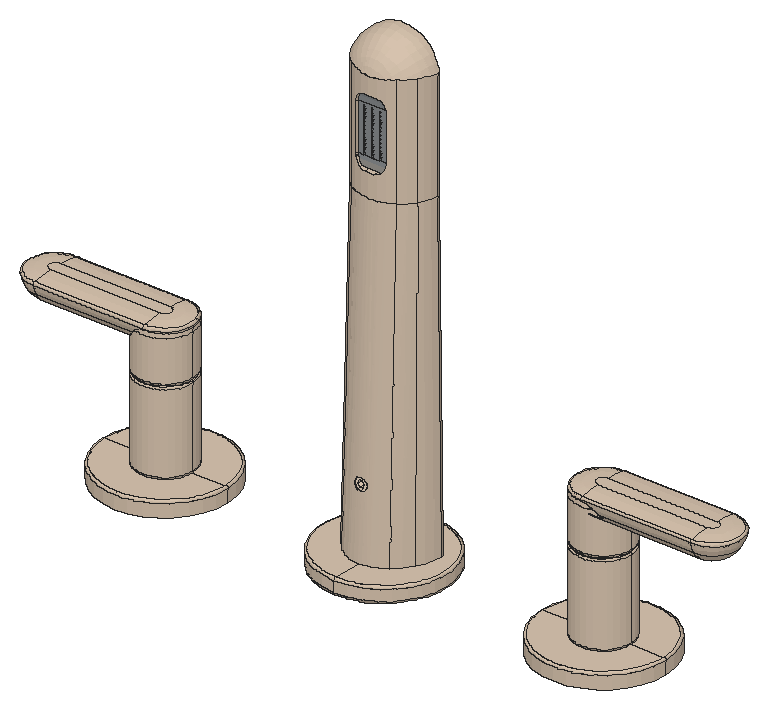
Revit family "Faucet-Wall_Mount-Kitchen-KALLISTA-002-P34125-1", category Plumbing Fixtures, host Face, Revit 2021
Family settings
  Host = Face
  Round Connector Dimension = Use Diameter
  Part Type = Normal
  OmniClass Number = 23.31.11.00
  OmniClass Title = Faucets
  Cut with Voids When Loaded = No
  Shared = No
  Room Calculation Point = No
Parameters (values of type "BAF-Brushed French Gold")
  Width [instance] = Faucet Hole Spacing  # 8"
  WaterSense Certified = 1 = 0  # no
  Waste Water Outlet = "Waste Water Outlet"  # constant formula
  Waste Connection = 1 = 0  # no
  Vent Connection = 1 = 0  # no
  URL = "https://www.kallista.com/"
  Type = 1
  Spout Reach = 7.18504"  # constant formula
  Product Page URL = ""
  Product Name = "002"  # constant formula
  Product Documentation Link = ""
  Pressure = 0.00 psi
  Model = if(Type = 1, "P34125-LV-BAF", if(Type = 2, "P34124-LV-BL", if(Type = 3, "P34125-LV-BN", if(Type = 4, "P34125-LV-CP", if(Type = 5, "P34125-LV-SN", "NA")))))  # "P34125-LV-BAF"
  Material = "Premium Metal Construction"  # constant formula
  Master Format 2014 Name = "Residential Faucets, Supplies, and Trim"  # constant formula
  Master Format 2014 = "22 41 39"  # constant formula
  Manufacturer Address = "444 Highland Dr, Kohler, WI 53044"  # constant formula
  Manufacturer = "Kallista Co."  # constant formula
  Length = Spout Reach  # 7.18504"
  Hot Water Inlet = "Hot Water Inlet"  # constant formula
  Height = 2.29291"  # constant formula
  Handle Clearance = 2.50394"  # constant formula
  HW Connection = 1 = 1  # yes
  Faucet Hole Spacing [instance] = 8"
  Flow Rate = 1.2 GPM  # constant formula
  Finish = Kallista-Metal-BAF-Brushed_French_Gold
  Environmental Product Declaration = ""
  Drain Included = 1 = 1  # yes
  Description = "Capsule Wall Mount Sink Faucet Wide Spread"  # constant formula
  Default Elevation = 36"
  Declare Label = ""
  Date Modified = "11/30/2023"  # constant formula
  Date Created = "11/30/2023"  # constant formula
  Copyright = "Copyright Kallista Co."  # constant formula
  Contact Us = "https://www.kallista.com/corporate/contact-us/"
  Cold Water Inlet = "Cold Water Inlet"  # constant formula
  CW Connection = 1 = 1  # yes
  Assembly Code = "D2010"
  ADA Compliant = 1 = 0  # no
Types (6): name | Type | Model | Finish
  (no name) | 1 | "P34125-LV-BAF" | Kallista-Metal-BAF-Brushed_French_Gold
  BAF-Brushed French Gold | 1 | "P34125-LV-BAF" | Kallista-Metal-BAF-Brushed_French_Gold
  SN-Polished Nickel | 5 | "P34125-LV-SN" | Kallista-Metal-SN-Polished_Nickel
  CP-Chrome | 4 | "P34125-LV-CP" | Kallista-Metal-CP-Chrome
  BN-Brushed Nickel | 3 | "P34125-LV-BN" | Kallista-Metal-BN-Brushed_Nickel
  BL-Matte Black | 2 | "P34124-LV-BL" | Kalista-Metal-BL-Matte_Black
Reference planes (in)
  plane 1 "Center (Front/Back)": y = 0
  plane 2: z = 0
  plane 3 "Center (Left/Right)": x = 0
  plane 4: y = 1.14173
  plane 5: x = -1.14173
  plane 6: x = 1.14173
  plane 7: y = -1.14173
  plane 8: x = -4
  plane 9: x = -2.85765
  plane 10: y = 1.14645
  plane 11: y = -1.14646
  plane 12: y = -0.50394
  plane 13: y = 0.50394
  plane 14: x = -6.50394
  plane 15: x = -5.14235
  plane 16: x = -3.49016
  plane 17: x = -4.50984
  plane 18: z = 8.67064
  plane 19: z = 2.78346
  plane 20: z = 2.27399
  plane 21: z = 0.27559
  plane 22: x = 4
  plane 23: x = 2.85765
  plane 24: x = 6.50394
  plane 25: x = 5.14235
  plane 26: x = 3.49016
  plane 27: x = 4.50984
  plane 28: z = 7.18504
  plane 29: y = -0.29528
Dimensions and locks (in)
  locked: plane 17 to plane 8 at 0.50984
  locked: plane 8 to plane 16 at 0.50984
  locked: plane 8 to plane 15 at 1.14235
  locked: plane 8 to plane 9 at 1.14235
  locked: plane 27 to plane 22 at 0.50984
  locked: plane 22 to plane 26 at 0.50984
  locked: plane 22 to plane 25 at 1.14235
  locked: plane 22 to plane 23 at 1.14235
  "Width": plane 8 to plane 22
  equal spacing: plane 8, plane 3 "Center (Left/Right)", plane 22
  "Height": plane 10 to plane 11
  "Length": plane 28 to plane 2
  "Handle Clearance": plane 24 to plane 22
  "Handle Clearance": plane 14 to plane 8
  plane 15 to plane 9 = 2.28469"
  plane 5 to plane 6 = 2.28346"
  level to plane 19 = 2.78346"
  plane 20 to plane 19 = 0.50947"
  level to plane 20 = 2.27399"
  level to plane 18 = 8.67064"
  plane 14 to plane 16 = 3.01378"
  plane 24 to plane 26 = 3.01378"
  level to plane 21 = 0.27559"
  plane 26 to plane 27 = 1.01969"
  plane 3 "Center (Left/Right)" to plane 8 = 4"
  plane 1 "Center (Front/Back)" to plane 29 = 0.29528"
  plane 2 to plane 28 = 7.18504"
  plane 14 to plane 24 = 13.00787"
  aligned and locked: plane 2 to host face
  aligned and locked: level to host face
  aligned and locked: plane 3 "Center (Left/Right)" to nested 1
  aligned and locked: plane 1 "Center (Front/Back)" to nested 1
  aligned and locked: plane 4 to nested 1
  aligned and locked: plane 7 to nested 1
  aligned and locked: plane 6 to nested 1
  aligned and locked: plane 5 to nested 1
  aligned and locked: plane 8 to nested 2
  aligned and locked: plane 19 to nested 2
  aligned and locked: plane 15 to nested 2
  aligned and locked: plane 9 to nested 2
  aligned and locked: plane 10 to nested 2
  aligned and locked: plane 11 to nested 2
  aligned and locked: plane 12 to nested 2
  aligned and locked: plane 13 to nested 2
  aligned and locked: plane 14 to nested 2
  aligned and locked: plane 18 to nested 1
  aligned and locked: plane 21 to nested 2
  aligned and locked: nested 3 to plane 22
  aligned and locked: nested 3 to plane 25
  aligned and locked: nested 3 to plane 23
  aligned and locked: nested 3 to plane 24
  aligned and locked: plane 10 to nested 3
  aligned and locked: plane 13 to nested 3
  aligned and locked: plane 12 to nested 3
  aligned and locked: plane 11 to nested 3
  aligned and locked: plane 28 to nested 1
  aligned and locked: plane 20 to nested 2
  aligned and locked: plane 20 to nested 3
  aligned and locked: plane 19 to nested 3
  aligned and locked: plane 21 to nested 3
Automatic sketch dimensions
  host sketch curve to host sketch curve = 96"  (x2)
Nested families (in)
  nested 1: "P34125_Spout" at (0, 0, 0), type "P34125_Spout"
  nested 2: "P34125_Handle" at (-4, 0, 0), type "P34125_Handle"
  nested 3: "P34125_Handle" at (4, 0, 0) x (-1, 0, 0) z (0, 0, 1), type "P34125_Handle"
Connectors (in)
  piping at (-4, 0, 0), diameter 0.625, driven by "Flow Rate", driven by "HW Connection", driven by "Hot Water Inlet"
    settings: on nested 2, index 1, connector inside diameter 24", connector length 0", flow factor 0, pipe flow 1.2 GPM, pressure drop 0.00 psi, fitting loss kfactor 0, connector angle 0.00°, fixture units 0, engagement length 0", angle of deflection 0.00°, flow configuration 1, flow direction 1, fitting loss method 0, system type 19, joint type 0, gender type 0, connector reference index -1, connector utility 1, adjustable connector no, is connector primary yes, connector description "Hot Water Inlet"
  piping at (4, 0, 0), diameter 0.625, driven by "Flow Rate", driven by "CW Connection", driven by "Cold Water Inlet"
    settings: on nested 3, index 2, connector inside diameter 24", connector length 0", flow factor 0, pipe flow 1.2 GPM, pressure drop 0.00 psi, fitting loss kfactor 0, connector angle 0.00°, fixture units 0, engagement length 0", angle of deflection 0.00°, flow configuration 1, flow direction 1, fitting loss method 0, system type 20, joint type 0, gender type 0, connector reference index -1, connector utility 1, adjustable connector no, is connector primary no, connector description "Cold Water Inlet"
Definition of nested family "P34125_Spout"
  Parameters
    Material = none
    Default Elevation = 0"
  Reference planes (in)
    plane 1 "Center (Front/Back)": y = 0
    plane 2: z = 0
    plane 3 "Center (Left/Right)": x = 0
    plane 4: x = -1.14173
    plane 5: x = 1.14173
    plane 6: y = 1.14173
    plane 7: y = -1.14173
    plane 8: z = 8.67064
    plane 9: z = 0.27559
    plane 10: z = 7.18504
    plane 11: y = -0.29528
  Forms (in)
    Blend 1, solid, material <- "Material", detail levels medium+fine
      base sketch origin (0, 0, 0) x (1, 0, 0) y (0, 1, 0)
        loop
          arc (-0.77791, 0.35377) -> (-0.79952, 0.33955) -> (-0.80746, 0.31492) r 0.03896
          arc (-0.80746, 0.31492) -> (-0.77246, 0.08464) -> (-0.68191, -0.12997) r 0.93998
          arc (-0.68191, -0.12997) -> (-0.57, -0.29195) -> (-0.43339, -0.43373) r 1.21506
          arc (-0.43339, -0.43373) -> (0, -0.59757) -> (0.43339, -0.43373) r 0.65512
          arc (0.43339, -0.43373) -> (0.57, -0.29195) -> (0.68191, -0.12997) r 1.21506
          arc (0.68191, -0.12997) -> (0.77235, 0.08423) -> (0.80744, 0.31407) r 0.93998
          arc (0.80744, 0.31407) -> (0.79952, 0.33871) -> (0.77792, 0.35295) r 0.03898
          arc (0.77792, 0.35295) -> (0.00005, 0.44878) -> (-0.77791, 0.35377) r 3.21885
      top sketch origin (0, 0, 0) x (1, 0, 0) y (0, 1, 0)
        loop
          arc (-0.61166, -0.01064) -> (-0.52145, -0.12588) -> (-0.40985, -0.22055) r 0.72211
          arc (-0.40985, -0.22055) -> (0, -0.3478) -> (0.40985, -0.22055) r 0.72369
          arc (0.40985, -0.22055) -> (0.52145, -0.12588) -> (0.61166, -0.01064) r 0.72211
          arc (0.61166, -0.01064) -> (0.68757, 0.15439) -> (0.71792, 0.3335) r 0.69203
          arc (0.71792, 0.3335) -> (0.7096, 0.359) -> (0.68677, 0.37309) r 0.03897
          arc (0.68677, 0.37309) -> (0, 0.44256) -> (-0.68677, 0.37309) r 3.43057
          arc (-0.68677, 0.37309) -> (-0.7096, 0.359) -> (-0.71792, 0.3335) r 0.03897
          arc (-0.71792, 0.3335) -> (-0.68757, 0.15439) -> (-0.61166, -0.01064) r 0.69203
      from 0 to 6.13419
    Sweep 2, solid, material <- "Material", detail levels medium+fine
      path origin (0, 0, 0) x (0, 1, 0) y (0, 0, 1)
        loop
          line (0.44256, 6.13419) -> (0.44256, 8.8901)
      profile origin (0, 0.44256, 7.51214) x (0, -1, 0) y (1, 0, 0)
        loop
          arc (0.45321, 0.61166) -> (0.28817, 0.68757) -> (0.10907, 0.71792) r 0.69203
          arc (0.10907, 0.71792) -> (0.08356, 0.7096) -> (0.06947, 0.68677) r 0.03897
          arc (0.06947, 0.68677) -> (0, 0) -> (0.06947, -0.68677) r 3.43057
          arc (0.06947, -0.68677) -> (0.08356, -0.7096) -> (0.10907, -0.71792) r 0.03897
          arc (0.10907, -0.71792) -> (0.28817, -0.68757) -> (0.45321, -0.61166) r 0.69203
          arc (0.45321, -0.61166) -> (0.56844, -0.52145) -> (0.66312, -0.40985) r 0.72211
          arc (0.66312, -0.40985) -> (0.79036, 0) -> (0.66312, 0.40985) r 0.72369
          arc (0.66312, 0.40985) -> (0.56844, 0.52145) -> (0.45321, 0.61166) r 0.72211
    Sweep 3, void
      path origin (0, 0, -0.02461) x (1, 0, 0) y (0, 0, 1)
        loop
          arc (0.7468, 7.95283) -> (-0.00124, 8.70086) -> (-0.74927, 7.95283) r 0.74803
      profile origin (-0.00124, 0, 8.67625) x (0, 0, -1) y (0, -1, 0)
        loop
          arc (0.01906, -0.49341) -> (0.14964, 0.09951) -> (0.69597, 0.36432) r 0.69597
          line (0.69597, 0.36432) -> (0.69597, 0.65945) -> (-0.56739, 0.65945) -> (-0.56739, -0.49341) -> (0.01906, -0.49341)
    Revolve 4, solid, material <- "Material", detail levels medium+fine
      sketch origin (0, 0, 0) x (0, 1, 0) y (0, 0, 1)
        loop
          line (0, 0) -> (1.10444, 0)
          arc (1.10444, 0) -> (1.13081, 0.01092) -> (1.14173, 0.03729) r 0.03729
          line (1.14173, 0.03729) -> (1.14173, 0.23463)
          arc (1.14173, 0.23463) -> (1.12974, 0.26359) -> (1.10077, 0.27559) r 0.04096
          line (1.10077, 0.27559) -> (0, 0.27559) -> (0, 0)
        axis (0, 0) -> (0, 0.27559)
      angle from 0 to 360
    Revolve 5, void
      sketch origin (0, 0, 0) x (0, 1, 0) y (0, 0, 1)
        loop
          line (-0.25396, 1.54626) -> (-0.25396, 1.66154) -> (-0.62222, 1.66154) -> (-0.62222, 1.54626) -> (-0.25396, 1.54626)
        axis (-0.25396, 1.54626) -> (-0.62222, 1.54626)
      angle from 0 to 360
    Revolve 6, solid, detail levels medium+fine
      sketch origin (0, 0, 0) x (0, 1, 0) y (0, 0, 1)
        loop
          line (-0.26709, 1.65545) -> (-0.52116, 1.65545) -> (-0.52116, 1.54849) -> (-0.26709, 1.54849) -> (-0.26709, 1.65545)
        axis (-0.26709, 1.54849) -> (-0.52116, 1.54849)
      angle from 0 to 360
    Extrusion 7, void
      sketch origin (0, -0.08176, -0.02695) x (1, 0, 0) y (0, 0.052336, 0.99863)
        loop
          line (-0.03439, 1.60625) -> (-0.06825, 1.5476) -> (-0.03439, 1.48896) -> (0.03332, 1.48896) -> (0.06718, 1.5476) -> (0.03332, 1.60625) -> (-0.03439, 1.60625)
      from 0.30046 to 0.6929
    Extrusion 8, void
      sketch origin (0, 0, 0) x (1, 0, 0) y (0, 0, 1)
        loop
          line (-0.28038, 7.6149) -> (-0.28038, 6.75476)
          arc (-0.28038, 6.75476) -> (-0.22281, 6.6158) -> (-0.08385, 6.55823) r 0.19653
          line (-0.08385, 6.55823) -> (0.08127, 6.55823)
          arc (0.08127, 6.55823) -> (0.21911, 6.61533) -> (0.27621, 6.75317) r 0.19494
          line (0.27621, 6.75317) -> (0.27621, 7.62026)
          arc (0.27621, 7.62026) -> (0.21957, 7.757) -> (0.08283, 7.81365) r 0.19338
          line (0.08283, 7.81365) -> (-0.08163, 7.81365)
          arc (-0.08163, 7.81365) -> (-0.22217, 7.75544) -> (-0.28038, 7.6149) r 0.19874
      from 0 to 0.70867
    Extrusion 9, solid, detail levels medium+fine
      sketch origin (0, 0, 0) x (1, 0, 0) y (0, 0, 1)
        loop
          arc (-0.11579, 7.78984) -> (-0.22335, 7.74528) -> (-0.2679, 7.63772) r 0.15211
          line (-0.2679, 7.63772) -> (-0.2679, 6.73599)
          arc (-0.2679, 6.73599) -> (-0.22295, 6.62746) -> (-0.11442, 6.5825) r 0.15348
          line (-0.11442, 6.5825) -> (0.11442, 6.5825)
          arc (0.11442, 6.5825) -> (0.22295, 6.62746) -> (0.2679, 6.73599) r 0.15348
          line (0.2679, 6.73599) -> (0.2679, 7.63772)
          arc (0.2679, 7.63772) -> (0.22335, 7.74528) -> (0.11579, 7.78984) r 0.15211
          line (0.11579, 7.78984) -> (-0.11579, 7.78984)
      from 0 to 0.52116
    Extrusion 10, void
      sketch origin (0, 0, 0) x (0, 1, 0) y (0, 0, 1)
        loop
          line (-0.25014, 6.75744) -> (-0.25014, 7.6149)
          arc (-0.25014, 7.6149) -> (-0.34945, 7.90421) -> (-0.60549, 8.07155) r 0.47109
          line (-0.60549, 8.07155) -> (-0.60549, 6.30079)
          arc (-0.60549, 6.30079) -> (-0.34945, 6.46813) -> (-0.25014, 6.75744) r 0.47109
      from -1.04991 to 1.33856
    Extrusion 11, void
      sketch origin (0.0123, 5.27483, 12.5197) x (1, 0, 0) y (0, 0, 1)
        loop
          line (-0.18118, -4.95414) -> (-0.18118, -5.00169) -> (-0.14232, -5.00169) -> (-0.14232, -4.95414) -> (-0.18118, -4.95414)
        loop
          line (-0.18118, -5.01713) -> (-0.18118, -5.06468) -> (-0.14232, -5.06468) -> (-0.14232, -5.01713) -> (-0.18118, -5.01713)
        loop
          line (-0.18118, -5.08051) -> (-0.18118, -5.12807) -> (-0.14232, -5.12807) -> (-0.14232, -5.08051) -> (-0.18118, -5.08051)
        loop
          line (-0.18118, -5.1439) -> (-0.18118, -5.19146) -> (-0.14232, -5.19146) -> (-0.14232, -5.1439) -> (-0.18118, -5.1439)
        loop
          line (-0.18118, -5.20729) -> (-0.18118, -5.25484) -> (-0.14232, -5.25484) -> (-0.14232, -5.20729) -> (-0.18118, -5.20729)
        loop
          line (-0.18118, -5.27067) -> (-0.18118, -5.31823) -> (-0.14232, -5.31823) -> (-0.14232, -5.27067) -> (-0.18118, -5.27067)
        loop
          line (-0.18118, -5.33406) -> (-0.18118, -5.38161) -> (-0.14232, -5.38161) -> (-0.14232, -5.33406) -> (-0.18118, -5.33406)
        loop
          line (-0.18118, -5.39744) -> (-0.18118, -5.445) -> (-0.14232, -5.445) -> (-0.14232, -5.39744) -> (-0.18118, -5.39744)
        loop
          line (-0.18118, -5.46083) -> (-0.18118, -5.50839) -> (-0.14232, -5.50839) -> (-0.14232, -5.46083) -> (-0.18118, -5.46083)
        loop
          line (-0.18118, -5.52421) -> (-0.18118, -5.57177) -> (-0.14232, -5.57177) -> (-0.14232, -5.52421) -> (-0.18118, -5.52421)
        loop
          line (-0.18118, -5.5876) -> (-0.18118, -5.63516) -> (-0.14232, -5.63516) -> (-0.14232, -5.5876) -> (-0.18118, -5.5876)
        loop
          line (-0.18118, -5.65099) -> (-0.18118, -5.69854) -> (-0.14232, -5.69854) -> (-0.14232, -5.65099) -> (-0.18118, -5.65099)
        loop
          line (-0.18118, -5.71437) -> (-0.18118, -5.76193) -> (-0.14232, -5.76193) -> (-0.14232, -5.71437) -> (-0.18118, -5.71437)
        loop
          line (0.00443, -4.95414) -> (-0.03443, -4.95414) -> (-0.03443, -5.00169) -> (0.00443, -5.00169) -> (0.00443, -4.95414)
        loop
          line (0.00443, -5.01713) -> (-0.03443, -5.01713) -> (-0.03443, -5.06468) -> (0.00443, -5.06468) -> (0.00443, -5.01713)
        loop
          line (0.00443, -5.08051) -> (-0.03443, -5.08051) -> (-0.03443, -5.12807) -> (0.00443, -5.12807) -> (0.00443, -5.08051)
        loop
          line (0.00443, -5.1439) -> (-0.03443, -5.1439) -> (-0.03443, -5.19146) -> (0.00443, -5.19146) -> (0.00443, -5.1439)
        loop
          line (0.00443, -5.20729) -> (-0.03443, -5.20729) -> (-0.03443, -5.25484) -> (0.00443, -5.25484) -> (0.00443, -5.20729)
        loop
          line (0.00443, -5.27067) -> (-0.03443, -5.27067) -> (-0.03443, -5.31823) -> (0.00443, -5.31823) -> (0.00443, -5.27067)
        loop
          line (0.00443, -5.33406) -> (-0.03443, -5.33406) -> (-0.03443, -5.38161) -> (0.00443, -5.38161) -> (0.00443, -5.33406)
        loop
          line (0.00443, -5.39744) -> (-0.03443, -5.39744) -> (-0.03443, -5.445) -> (0.00443, -5.445) -> (0.00443, -5.39744)
        loop
          line (0.00443, -5.46083) -> (-0.03443, -5.46083) -> (-0.03443, -5.50839) -> (0.00443, -5.50839) -> (0.00443, -5.46083)
        loop
          line (0.00443, -5.52421) -> (-0.03443, -5.52421) -> (-0.03443, -5.57177) -> (0.00443, -5.57177) -> (0.00443, -5.52421)
        loop
          line (0.00443, -5.5876) -> (-0.03443, -5.5876) -> (-0.03443, -5.63516) -> (0.00443, -5.63516) -> (0.00443, -5.5876)
        loop
          line (0.00443, -5.65099) -> (-0.03443, -5.65099) -> (-0.03443, -5.69854) -> (0.00443, -5.69854) -> (0.00443, -5.65099)
        loop
          line (0.00443, -5.71437) -> (-0.03443, -5.71437) -> (-0.03443, -5.76193) -> (0.00443, -5.76193) -> (0.00443, -5.71437)
        loop
          line (0.10062, -4.95414) -> (0.10062, -5.00169) -> (0.13947, -5.00169) -> (0.13947, -4.95414) -> (0.10062, -4.95414)
        loop
          line (0.10062, -5.01713) -> (0.10062, -5.06468) -> (0.13947, -5.06468) -> (0.13947, -5.01713) -> (0.10062, -5.01713)
        loop
          line (0.10062, -5.08051) -> (0.10062, -5.12807) -> (0.13947, -5.12807) -> (0.13947, -5.08051) -> (0.10062, -5.08051)
        loop
          line (0.10062, -5.1439) -> (0.10062, -5.19146) -> (0.13947, -5.19146) -> (0.13947, -5.1439) -> (0.10062, -5.1439)
        loop
          line (0.10062, -5.20729) -> (0.10062, -5.25484) -> (0.13947, -5.25484) -> (0.13947, -5.20729) -> (0.10062, -5.20729)
        loop
          line (0.10062, -5.27067) -> (0.10062, -5.31823) -> (0.13947, -5.31823) -> (0.13947, -5.27067) -> (0.10062, -5.27067)
        loop
          line (0.10062, -5.33406) -> (0.10062, -5.38161) -> (0.13947, -5.38161) -> (0.13947, -5.33406) -> (0.10062, -5.33406)
        loop
          line (0.10062, -5.39744) -> (0.10062, -5.445) -> (0.13947, -5.445) -> (0.13947, -5.39744) -> (0.10062, -5.39744)
        loop
          line (0.10062, -5.46083) -> (0.10062, -5.50839) -> (0.13947, -5.50839) -> (0.13947, -5.46083) -> (0.10062, -5.46083)
        loop
          line (0.10062, -5.52421) -> (0.10062, -5.57177) -> (0.13947, -5.57177) -> (0.13947, -5.52421) -> (0.10062, -5.52421)
        loop
          line (0.10062, -5.5876) -> (0.10062, -5.63516) -> (0.13947, -5.63516) -> (0.13947, -5.5876) -> (0.10062, -5.5876)
        loop
          line (0.10062, -5.65099) -> (0.10062, -5.69854) -> (0.13947, -5.69854) -> (0.13947, -5.65099) -> (0.10062, -5.65099)
        loop
          line (0.10062, -5.71437) -> (0.10062, -5.76193) -> (0.13947, -5.76193) -> (0.13947, -5.71437) -> (0.10062, -5.71437)
      from 5.16363 to 7.18576
    Extrusion 12, solid, material <- "Material", detail levels coarse
      sketch origin (0, 0.04968, 0) x (1, 0, 0) y (0, 0, 1)
        loop
          line (0.80342, 0.27559) -> (0.72035, 7.97029)
          arc (0.72035, 7.97029) -> (0.00001, 8.68289) -> (-0.72032, 7.97029) r 0.72038
          line (-0.72032, 7.97029) -> (-0.80344, 0.27559) -> (0.80342, 0.27559)
      from -0.39459 to 0.63603
    Revolve 13, solid, material <- "Material", detail levels coarse
      sketch origin (0, 0, 0) x (0, 1, 0) y (0, 0, 1)
        loop
          line (0, 0) -> (1.14173, 0) -> (1.14173, 0.27559) -> (0, 0.27559) -> (0, 0)
        axis (0, 0) -> (0, 0.27559)
      angle from 0 to 360
  Cuts and joins
    Sweep 3, Extrusion 8 cuts Sweep 2
    Revolve 5, Extrusion 7 cuts Blend 1
    joined: Blend 1, Revolve 4
    Extrusion 7 cuts Revolve 6
    Extrusion 10, Extrusion 11 cuts Extrusion 9
    joined: Extrusion 12, Revolve 13
  Lines and regions (in)
    Masking region 1
      outline origin (0, 0, 0) x (1, 0, 0) y (0, 1, 0)
        loop
          arc (-0.43305, 1.05642) -> (-0.82584, 0.78838) -> (-1.07537, 0.38357) r 1.14173
          arc (-1.07537, 0.38357) -> (-1.12497, 0.22497) -> (-1.14173, 0.05965) r 0.82377
          line (-1.14173, 0.05965) -> (-1.14173, 0.02815)
          arc (-1.14173, 0.02815) -> (-1.11088, -0.24936) -> (-1.01983, -0.51331) r 1.26353
          arc (-1.01983, -0.51331) -> (-0.71833, -0.88744) -> (-0.28961, -1.10439) r 1.14173
          arc (-0.28961, -1.10439) -> (-0.15419, -1.13235) -> (-0.01623, -1.14173) r 1.01935
          line (-0.01623, -1.14173) -> (0.01526, -1.14173)
          arc (0.01526, -1.14173) -> (0.22001, -1.12182) -> (0.41709, -1.06282) r 1.06254
          arc (0.41709, -1.06282) -> (0.86852, -0.7411) -> (1.11521, -0.24467) r 1.14173
          arc (1.11521, -0.24467) -> (1.13705, -0.10494) -> (1.14173, 0.0364) r 1.16104
          line (1.14173, 0.0364) -> (1.14173, 0.0679)
          arc (1.14173, 0.0679) -> (1.13614, 0.14688) -> (1.11948, 0.22429) r 0.5608
          arc (1.11948, 0.22429) -> (0.88747, 0.71829) -> (0.45266, 1.04816) r 1.14173
          arc (0.45266, 1.04816) -> (0.24156, 1.11807) -> (0.02044, 1.14173) r 1.04509
          line (0.02044, 1.14173) -> (-0.01106, 1.14173)
          arc (-0.01106, 1.14173) -> (-0.22632, 1.12019) -> (-0.43305, 1.05642) r 1.08631
    Masking region 2
      outline origin (0, 0, 0) x (1, 0, 0) y (0, 0, 1)
        loop
          arc (1.10874, 0) -> (1.13207, 0.00966) -> (1.14173, 0.03299) r 0.03299
          line (1.14173, 0.03299) -> (1.14173, 0.2326)
          arc (1.14173, 0.2326) -> (1.12914, 0.263) -> (1.09874, 0.27559) r 0.04299
          line (1.09874, 0.27559) -> (0.77187, 0.27559)
          arc (0.77187, 0.27559) -> (0.7965, 0.28573) -> (0.80683, 0.31) r 0.03497
          arc (0.80683, 0.31) -> (0.80595, 0.49685) -> (0.80027, 0.68362) r 7.28056
          arc (0.80027, 0.68362) -> (0.74708, 2.34522) -> (0.73122, 4.0076) r 74.01378
          arc (0.73122, 4.0076) -> (0.72921, 5.98419) -> (0.71649, 7.96074) r 364.85863
          arc (0.71649, 7.96074) -> (0.57699, 8.37902) -> (0.21899, 8.63642) r 0.71652
          arc (0.21899, 8.63642) -> (0.12087, 8.66202) -> (0.01983, 8.67064) r 0.59681
          line (0.01983, 8.67064) -> (-0.01167, 8.67064)
          arc (-0.01167, 8.67064) -> (-0.09662, 8.66488) -> (-0.18002, 8.64773) r 0.63005
          arc (-0.18002, 8.64773) -> (-0.56473, 8.39519) -> (-0.71649, 7.96074) r 0.71652
          arc (-0.71649, 7.96074) -> (-0.72921, 5.98419) -> (-0.73122, 4.0076) r 364.85863
          arc (-0.73122, 4.0076) -> (-0.74708, 2.34522) -> (-0.80027, 0.68362) r 74.01378
          arc (-0.80027, 0.68362) -> (-0.80595, 0.49685) -> (-0.80684, 0.31028) r 7.28056
          arc (-0.80684, 0.31028) -> (-0.7965, 0.28573) -> (-0.77187, 0.27559) r 0.03497
          line (-0.77187, 0.27559) -> (-1.09874, 0.27559)
          arc (-1.09874, 0.27559) -> (-1.12914, 0.263) -> (-1.14173, 0.2326) r 0.04299
          line (-1.14173, 0.2326) -> (-1.14173, 0.03299)
          arc (-1.14173, 0.03299) -> (-1.13207, 0.00966) -> (-1.10874, 0) r 0.03299
          line (-1.10874, 0) -> (1.10874, 0)
    Masking region 3
      outline origin (0, 0, 0) x (0, 1, 0) y (0, 0, 1)
        loop
          line (1.14173, 0.03913) -> (1.14173, 0.23686)
          arc (1.14173, 0.23686) -> (1.13039, 0.26425) -> (1.103, 0.27559) r 0.03873
          line (1.103, 0.27559) -> (0.42454, 0.27559)
          arc (0.42454, 0.27559) -> (0.43771, 0.28924) -> (0.44251, 0.30759) r 0.03748
          line (0.44251, 0.30759) -> (0.44251, 7.95057)
          arc (0.44251, 7.95057) -> (0.42554, 8.29524) -> (0.37479, 8.63659) r 3.50904
          arc (0.37479, 8.63659) -> (0.36013, 8.66104) -> (0.33329, 8.67064) r 0.04232
          line (0.33329, 8.67064) -> (0.29786, 8.67064)
          arc (0.29786, 8.67064) -> (0.22541, 8.65862) -> (0.15429, 8.64026) r 0.83278
          arc (0.15429, 8.64026) -> (-0.20906, 8.38456) -> (-0.35072, 7.96344) r 0.7137
          line (-0.35072, 7.96344) -> (-0.35072, 7.85733)
          arc (-0.35072, 7.85733) -> (-0.33657, 7.82002) -> (-0.31831, 7.78454) r 0.35462
          line (-0.31831, 7.78454) -> (-0.31831, 7.70311)
          arc (-0.31831, 7.70311) -> (-0.30107, 7.63343) -> (-0.29528, 7.56189) r 0.44433
          line (-0.29528, 7.56189) -> (-0.29528, 6.80328)
          arc (-0.29528, 6.80328) -> (-0.30107, 6.73174) -> (-0.31831, 6.66206) r 0.44433
          line (-0.31831, 6.66206) -> (-0.31831, 6.58063)
          arc (-0.31831, 6.58063) -> (-0.33657, 6.54515) -> (-0.35072, 6.50784) r 0.35462
          line (-0.35072, 6.50784) -> (-0.35072, 6.40173)
          arc (-0.35072, 6.40173) -> (-0.35204, 5.98956) -> (-0.35598, 5.57742) r 64.63598
          arc (-0.35598, 5.57742) -> (-0.35932, 5.34193) -> (-0.36334, 5.10646) r 82.20036
          arc (-0.36334, 5.10646) -> (-0.36753, 4.94167) -> (-0.374, 4.77696) r 11.87676
          arc (-0.374, 4.77696) -> (-0.38941, 4.42335) -> (-0.4029, 4.06965) r 65.43397
          arc (-0.4029, 4.06965) -> (-0.42004, 3.67424) -> (-0.44342, 3.27915) r 25.0582
          arc (-0.44342, 3.27915) -> (-0.45424, 3.09479) -> (-0.46194, 2.91027) r 10.95361
          arc (-0.46194, 2.91027) -> (-0.4676, 2.77571) -> (-0.47563, 2.64128) r 7.66624
          arc (-0.47563, 2.64128) -> (-0.49076, 2.39933) -> (-0.50301, 2.15722) r 20.31281
          arc (-0.50301, 2.15722) -> (-0.51546, 1.91687) -> (-0.53138, 1.67672) r 16.67974
          arc (-0.53138, 1.67672) -> (-0.52267, 1.54568) -> (-0.5462, 1.41647) r 0.53419
          line (-0.5462, 1.41647) -> (-0.60123, 0.31496)
          arc (-0.60123, 0.31496) -> (-0.59784, 0.29368) -> (-0.58614, 0.27559) r 0.05216
          line (-0.58614, 0.27559) -> (-1.103, 0.27559)
          arc (-1.103, 0.27559) -> (-1.13039, 0.26425) -> (-1.14173, 0.23686) r 0.03873
          line (-1.14173, 0.23686) -> (-1.14173, 0.03913)
          arc (-1.14173, 0.03913) -> (-1.13027, 0.01146) -> (-1.10261, 0) r 0.03913
          line (-1.10261, 0) -> (1.10261, 0)
          arc (1.10261, 0) -> (1.13027, 0.01146) -> (1.14173, 0.03913) r 0.03913
    symbolic lines, detail levels medium+fine
      curve 1: line (-0.77143, 0, 0.27559) -> (0.77143, 0, 0.27559)
      curve 2: arc (0.77143, 0, 0.27559) -> (0.77119, 0, 0.47968) -> (0.76523, 0, 0.68368) r 7.28056
      curve 3: arc (0.76523, 0, 0.68368) -> (0.71204, 0, 2.34528) -> (0.69618, 0, 4.00766) r 74.01378
      curve 4: arc (0.69618, 0, 4.00766) -> (0.69416, 0, 5.98582) -> (0.68142, 0, 7.96394) r 364.82359
      curve 5: line (0.80684, 0, 0.31028) -> (-0.80684, 0, 0.31028)
      curve 6: arc (-0.77143, 0, 0.27559) -> (-0.77119, 0, 0.47968) -> (-0.76523, 0, 0.68368) r 7.28056
      curve 7: arc (-0.76523, 0, 0.68368) -> (-0.71204, 0, 2.34528) -> (-0.69618, 0, 4.00766) r 74.01378
      curve 8: arc (-0.69618, 0, 4.00766) -> (-0.69416, 0, 5.98582) -> (-0.68142, 0, 7.96394) r 364.82359
      curve 9: line (1.14173, 0, 0.2326) -> (-1.14173, 0, 0.2326)
      curve 10: line (-1.14173, 0, 0.03299) -> (1.14173, 0, 0.03299)
      curve 11: arc (0.68142, 0, 7.96394) -> (0, 0, 8.63915) -> (-0.68142, 0, 7.96394) r 0.68145
      curve 12: line (0.71649, 0, 7.96074) -> (-0.71649, 0, 7.96074)
      curve 13: line (0, 0.29786, 8.67064) -> (0, 0.29786, 0.27559)
      curve 14: line (0, 0.42454, 0.27559) -> (0, -0.58614, 0.27559)
      curve 15: line (0, 0.44251, 0.30759) -> (0, -0.6016, 0.30759)
      curve 16: line (0, 1.14173, 0.23686) -> (0, -1.14173, 0.23686)
      curve 17: line (0, -1.14173, 0.03913) -> (0, 1.14173, 0.03913)
      curve 18: line (0, 0.37479, 8.63659) -> (0, 0.37479, 0.27559)
      curve 19: line (0, -0.35072, 7.85733) -> (0, 0.44251, 7.85733)
      curve 20: line (0, -0.2842, 7.62267) -> (0, -0.2842, 6.74269)
      curve 21: arc (0, -0.31831, 7.78454) -> (0, -0.29282, 7.70538) -> (0, -0.2842, 7.62267) r 0.40108
      curve 22: arc (0, -0.2842, 6.74269) -> (0, -0.29282, 6.65988) -> (0, -0.31831, 6.58063) r 0.40195
      curve 23: circle (0, 0, 0) r 1.10127 normal (0, 0, 1)
      curve 24: arc (-0.77791, 0.35377, 0) -> (-0.74382, 0.36204, 0) -> (-0.70964, 0.36995, 0) r 3.21885
      curve 25: arc (-0.68191, -0.12997, 0) -> (-0.57, -0.29195, 0) -> (-0.43339, -0.43373, 0) r 1.21506
      curve 26: arc (-0.68191, -0.12997, 0) -> (-0.77246, 0.08464, 0) -> (-0.80746, 0.31492, 0) r 0.93998
      curve 27: arc (-0.80746, 0.31492, 0) -> (-0.79952, 0.33955, 0) -> (-0.77791, 0.35377, 0) r 0.03896
      curve 28: arc (0.68191, -0.12997, 0) -> (0.57, -0.29195, 0) -> (0.43339, -0.43373, 0) r 1.21506
      curve 29: arc (-0.43339, -0.43373, 0) -> (0, -0.59757, 0) -> (0.43339, -0.43373, 0) r 0.65512
      curve 30: arc (0.68191, -0.12997, 0) -> (0.77235, 0.08423, 0) -> (0.80744, 0.31407, 0) r 0.93998
      curve 31: arc (0.80744, 0.31407, 0) -> (0.79952, 0.33871, 0) -> (0.77792, 0.35295, 0) r 0.03898
      curve 32: line (0.68742, 0.37389, 0) -> (-0.69189, 0.37389, 0)
      curve 33: arc (-0.61141, -0.01092, 0) -> (-0.13207, -0.33789, 0) -> (0.43252, -0.20405, 0) r 0.71844
      curve 34: arc (-0.71618, 0.34937, 0) -> (-0.68859, 0.16202, 0) -> (-0.61141, -0.01092, 0) r 0.69459
      curve 35: arc (-0.69189, 0.37389, 0) -> (-0.70915, 0.36669, 0) -> (-0.71618, 0.34937, 0) r 0.02429
      curve 36: arc (-0.70964, 0.36995, 0) -> (-0.69562, 0.37307, 0) -> (-0.6816, 0.37614, 0) r 3.21885
      curve 37: arc (-0.6816, 0.37614, 0) -> (-0.01466, 0.44875, 0) -> (0.65284, 0.38154, 0) r 3.21885
      curve 38: arc (0.71612, 0.34472, 0) -> (0.63868, 0.03707, 0) -> (0.43252, -0.20405, 0) r 0.69459
      curve 39: arc (0.65284, 0.38154, 0) -> (0.68737, 0.37417, 0) -> (0.72182, 0.36642, 0) r 3.21885
      curve 40: arc (0.72182, 0.36642, 0) -> (0.7499, 0.35982, 0) -> (0.77792, 0.35295, 0) r 3.21885
      curve 41: line (-0.71618, 0.34937, 0) -> (0.71612, 0.3446, 0)
      curve 42: line (-0.71618, 0.34937, 0) -> (-0.80746, 0.31492, 0)
      curve 43: line (0.71612, 0.3446, 0) -> (0.80744, 0.31407, 0)
      curve 44: spline (0.13441, -0.5377, 0) -> (0.12983, -0.53502, 0) -> (0.11641, -0.53254, 0) -> (0.09504, -0.5304, 0) -> (0.06721, -0.52876, 0) -> (0.03479, -0.52773, 0) -> (0, -0.52738, 0) -> (-0.03479, -0.52773, 0) -> (-0.06721, -0.52876, 0) -> (-0.09504, -0.5304, 0) -> (-0.11641, -0.53254, 0) -> (-0.12983, -0.53502, 0) -> (-0.13441, -0.5377, 0) -> (-0.12983, -0.54037, 0) -> (-0.11641, -0.54285, 0) -> (-0.09504, -0.54499, 0) -> (-0.06721, -0.54663, 0) -> (-0.03479, -0.54766, 0) -> (0, -0.54801, 0) -> (0.03479, -0.54766, 0) -> (0.06721, -0.54663, 0) -> (0.09504, -0.54499, 0) -> (0.11641, -0.54285, 0) -> (0.12983, -0.54037, 0) -> (0.13441, -0.5377, 0)
      curve 45: arc (0.71612, 0.34472, 0) -> (0.70788, 0.36532, 0) -> (0.68742, 0.37389, 0) r 0.02871
  Dimensions and locks (in)
    plane 7 to plane 6 = 2.28346"
    plane 4 to plane 5 = 2.28346"
    plane 8 to level = 8.67064"
    plane 9 to level = 0.27559"  (x2)
    aligned and locked: plane 2 to level
    aligned and locked: Masking region 2 sketch curve to plane 8
    aligned and locked: plane 5 to Masking region 2 sketch curve
    aligned and locked: Masking region 3 sketch curve to plane 8
    aligned and locked: plane 11 to Masking region 3 sketch curve
    aligned and locked: plane 4 to Masking region 1 sketch curve
    aligned and locked: plane 5 to Masking region 1 sketch curve
Definition of nested family "P34125_Handle"
  Parameters
    Material = none
    Default Elevation = 0"
  Reference planes (in)
    plane 1 "Center (Front/Back)": y = 0
    plane 2: z = 0
    plane 3 "Center (Left/Right)": x = 0
    plane 4: x = -2.50394
    plane 5: y = 1.14645
    plane 6: y = -1.14645
    plane 7: x = 1.14235
    plane 8: y = -0.50394
    plane 9: y = 0.50394
    plane 10: z = 2.78346
    plane 11: z = 2.27399
    plane 12: x = -0.50984
    plane 13: x = 0.50984
    plane 14: x = -1.14235
    plane 15: z = 0.27559
  Forms (in)
    Revolve 1, solid, material <- "Material", detail levels medium+fine
      sketch origin (0, 0, 0) x (1, 0, 0) y (0, 0, 1)
        loop
          line (0, 0) -> (0, 1.86975) -> (-0.43834, 1.86975) -> (-0.43834, 1.78309)
          arc (-0.43834, 1.78309) -> (-0.4443, 1.7687) -> (-0.45869, 1.76274) r 0.02035
          line (-0.45869, 1.76274) -> (-0.48988, 1.76274)
          arc (-0.48988, 1.76274) -> (-0.504, 1.7569) -> (-0.50984, 1.74278) r 0.01996
          line (-0.50984, 1.74278) -> (-0.50984, 0.30008)
          arc (-0.50984, 0.30008) -> (-0.50548, 0.28545) -> (-0.49383, 0.2756) r 0.02671
          line (-0.49383, 0.2756) -> (-1.10187, 0.2756)
          arc (-1.10187, 0.2756) -> (-1.13049, 0.26375) -> (-1.14235, 0.23513) r 0.04048
          line (-1.14235, 0.23513) -> (-1.14235, 0) -> (0, 0)
        axis (0, 1.86975) -> (0, 0)
      angle from 0 to 360
    Sweep 2, solid, material <- "Material", detail levels medium+fine
      path origin (0, 0, 0) x (1, 0, 0) y (0, 1, 0)
        loop
          arc (-1.99905, 0.50394) -> (-2.50299, 0) -> (-1.99905, -0.50394) r 0.50394
          line (-1.99905, -0.50394) -> (0.00365, -0.50394)
          arc (0.00365, -0.50394) -> (0.50759, 0) -> (0.00365, 0.50394) r 0.50394
          line (0.00365, 0.50394) -> (-1.99905, 0.50394)
      profile origin (-0.9977, 0.50394, 0) x (0, 1, 0) y (0, 0, 1)
        loop
          arc (-0.07473, 2.48414) -> (-0.02779, 2.57659) -> (-0.0007, 2.67666) r 0.50531
          arc (-0.0007, 2.67666) -> (-0.00724, 2.70603) -> (-0.03223, 2.72279) r 0.04051
          arc (-0.03223, 2.72279) -> (-0.20937, 2.75096) -> (-0.38848, 2.76039) r 1.70688
          line (-0.38848, 2.76039) -> (-0.46934, 2.76039) -> (-0.46934, 2.28328) -> (-0.38697, 2.28328)
          arc (-0.38697, 2.28328) -> (-0.30868, 2.29415) -> (-0.2363, 2.32592) r 0.28749
          arc (-0.2363, 2.32592) -> (-0.14665, 2.39598) -> (-0.07473, 2.48414) r 0.51061
    Extrusion 3, solid, material <- "Material", detail levels medium+fine
      sketch origin (0, 0, 0) x (1, 0, 0) y (0, 1, 0)
        loop
          arc (-1.99905, 0.03459) -> (-2.03364, 0) -> (-1.99905, -0.03459) r 0.03459
          line (-1.99905, -0.03459) -> (0.00365, -0.03459)
          arc (0.00365, -0.03459) -> (0.03824, 0) -> (0.00365, 0.03459) r 0.03459
          line (0.00365, 0.03459) -> (-1.99905, 0.03459)
      from 2.28328 to 2.76039
    Revolve 4, solid, material <- "Material", detail levels medium+fine
      sketch origin (0, 0, 0) x (1, 0, 0) y (0, 0, 1)
        loop
          line (0.50967, 1.82598) -> (0.50967, 2.57827)
          arc (0.50967, 2.57827) -> (0.5041, 2.64165) -> (0.48757, 2.70309) r 0.36351
          line (0.48757, 2.70309) -> (0, 2.70309) -> (0, 1.80135) -> (0.48504, 1.80135)
          arc (0.48504, 1.80135) -> (0.50246, 1.80857) -> (0.50967, 1.82598) r 0.02462
        axis (0, 1.80135) -> (0, 2.70309)
      angle from 0 to 360
    Extrusion 5, solid, material <- "Material"
      sketch origin (0, 0, 0) x (1, 0, 0) y (0, 1, 0)
        loop
          circle (0, 0) r 0.07874
      from 0 to 0.03646
    Extrusion 6, solid, material <- "Material", detail levels coarse
      sketch origin (0, 0, 0) x (1, 0, 0) y (0, 1, 0)
        loop
          arc (-1.99905, 0.50394) -> (-2.50299, 0) -> (-1.99905, -0.50394) r 0.50394
          line (-1.99905, -0.50394) -> (0.00365, -0.50394)
          arc (0.00365, -0.50394) -> (0.50759, 0) -> (0.00365, 0.50394) r 0.50394
          line (0.00365, 0.50394) -> (-1.99905, 0.50394)
      from 2.27149 to 2.78602
    Revolve 7, solid, material <- "Material", detail levels coarse
      sketch origin (0, 0, 0) x (1, 0, 0) y (0, 0, 1)
        loop
          line (0, 0) -> (0, 2.74142) -> (-0.41703, 2.74142)
          arc (-0.41703, 2.74142) -> (-0.48616, 2.5894) -> (-0.50984, 2.42409) r 0.5889
          line (-0.50984, 2.42409) -> (-0.50984, 1.96335) -> (-0.43834, 1.96335) -> (-0.39272, 1.93806) -> (-0.50984, 1.93806) -> (-0.50984, 0.27748) -> (-1.14235, 0.27748) -> (-1.14235, 0) -> (0, 0)
        axis (0, 2.74142) -> (0, 0)
      angle from 0 to 360
  Cuts and joins
    joined: Sweep 2, Extrusion 3
  Lines and regions (in)
    Masking region 1
      outline origin (0, 0, 0) x (1, 0, 0) y (0, 1, 0)
        loop
          arc (-2.0018, 0.50394) -> (-2.3336, 0.3793) -> (-2.50126, 0.06703) r 0.50394
          arc (-2.50126, 0.06703) -> (-2.50327, 0.04142) -> (-2.50394, 0.01575) r 0.49282
          line (-2.50394, 0.01575) -> (-2.50394, -0.01514)
          arc (-2.50394, -0.01514) -> (-2.50083, -0.06734) -> (-2.49154, -0.1188) r 0.43945
          arc (-2.49154, -0.1188) -> (-2.31332, -0.39612) -> (-2.0018, -0.50394) r 0.50394
          line (-2.0018, -0.50394) -> (-1.02976, -0.50394)
          arc (-1.02976, -0.50394) -> (-0.82641, -0.79461) -> (-0.54394, -1.0092) r 1.14645
          arc (-0.54394, -1.0092) -> (-0.28861, -1.11158) -> (-0.01575, -1.14645) r 1.08495
          line (-0.01575, -1.14645) -> (0.01575, -1.14645)
          arc (0.01575, -1.14645) -> (0.37156, -1.08731) -> (0.68911, -0.91623) r 1.09985
          arc (0.68911, -0.91623) -> (0.98876, -0.58027) -> (1.13595, -0.15484) r 1.14645
          arc (1.13595, -0.15484) -> (1.14073, -0.07756) -> (1.14233, -0.00015) r 1.87797
          line (1.14233, -0.00015) -> (1.14233, 0.03134)
          arc (1.14233, 0.03134) -> (1.14057, 0.09549) -> (1.13531, 0.15944) r 1.17249
          arc (1.13531, 0.15944) -> (0.92354, 0.67929) -> (0.49036, 1.03629) r 1.14645
          arc (0.49036, 1.03629) -> (0.26378, 1.11854) -> (0.02437, 1.14645) r 1.04068
          line (0.02437, 1.14645) -> (-0.00713, 1.14645)
          arc (-0.00713, 1.14645) -> (-0.21276, 1.12721) -> (-0.41126, 1.07015) r 1.10836
          arc (-0.41126, 1.07015) -> (-0.77413, 0.84562) -> (-1.02976, 0.50394) r 1.14645
          line (-1.02976, 0.50394) -> (-2.0018, 0.50394)
    Masking region 2
      outline origin (0, 0, 0) x (1, 0, 0) y (0, 0, 1)
        loop
          line (-1.99936, 2.27399) -> (-0.84884, 2.27399)
          arc (-0.84884, 2.27399) -> (-0.60913, 2.1747) -> (-0.50984, 1.935) r 0.33899
          line (-0.50984, 1.935) -> (-0.50984, 1.82021)
          arc (-0.50984, 1.82021) -> (-0.50403, 1.80618) -> (-0.49, 1.80037) r 0.01984
          line (-0.49, 1.80037) -> (-0.4591, 1.80037) -> (-0.43984, 1.76266) -> (-0.49004, 1.76266)
          arc (-0.49004, 1.76266) -> (-0.50404, 1.75686) -> (-0.50984, 1.74286) r 0.01981
          line (-0.50984, 1.74286) -> (-0.50984, 0.31269)
          arc (-0.50984, 0.31269) -> (-0.50777, 0.29369) -> (-0.50165, 0.27559) r 0.08812
          line (-0.50165, 0.27559) -> (-1.10552, 0.27559)
          arc (-1.10552, 0.27559) -> (-1.13156, 0.26481) -> (-1.14235, 0.23877) r 0.03682
          line (-1.14235, 0.23877) -> (-1.14235, 0.022)
          arc (-1.14235, 0.022) -> (-1.1359, 0.00644) -> (-1.12034, 0) r 0.022
          line (-1.12034, 0) -> (1.12034, 0)
          arc (1.12034, 0) -> (1.1359, 0.00644) -> (1.14235, 0.022) r 0.022
          line (1.14235, 0.022) -> (1.14235, 0.23877)
          arc (1.14235, 0.23877) -> (1.13156, 0.26481) -> (1.10552, 0.27559) r 0.03682
          line (1.10552, 0.27559) -> (0.50165, 0.27559)
          arc (0.50165, 0.27559) -> (0.50777, 0.29369) -> (0.50984, 0.31269) r 0.08812
          line (0.50984, 0.31269) -> (0.50984, 1.74286)
          arc (0.50984, 1.74286) -> (0.50404, 1.75686) -> (0.49004, 1.76266) r 0.01981
          line (0.49004, 1.76266) -> (0.43984, 1.76266) -> (0.4591, 1.80037) -> (0.49, 1.80037)
          arc (0.49, 1.80037) -> (0.50403, 1.80618) -> (0.50984, 1.82021) r 0.01984
          line (0.50984, 1.82021) -> (0.50984, 2.70346)
          arc (0.50984, 2.70346) -> (0.50036, 2.72941) -> (0.47637, 2.74312) r 0.04024
          arc (0.47637, 2.74312) -> (0.23904, 2.77336) -> (0, 2.78346) r 2.8329
          line (0, 2.78346) -> (-2.03053, 2.78346)
          arc (-2.03053, 2.78346) -> (-2.25129, 2.77412) -> (-2.47046, 2.74615) r 2.61228
          arc (-2.47046, 2.74615) -> (-2.49445, 2.73243) -> (-2.50394, 2.70648) r 0.04025
          line (-2.50394, 2.70648) -> (-2.50394, 2.67482)
          arc (-2.50394, 2.67482) -> (-2.32157, 2.38639) -> (-1.99936, 2.27399) r 0.518
    Masking region 3
      outline origin (0, 0, 0) x (0, 1, 0) y (0, 0, 1)
        loop
          line (0.50394, 0.30163) -> (0.50394, 1.75462)
          arc (0.50394, 1.75462) -> (0.49803, 1.76887) -> (0.48378, 1.77478) r 0.02016
          line (0.48378, 1.77478) -> (0.43053, 1.77478) -> (0.4517, 1.8) -> (0.48413, 1.8)
          arc (0.48413, 1.8) -> (0.49814, 1.8058) -> (0.50394, 1.8198) r 0.01981
          line (0.50394, 1.8198) -> (0.50394, 2.71264)
          arc (0.50394, 2.71264) -> (0.49674, 2.73232) -> (0.47855, 2.74272) r 0.03051
          arc (0.47855, 2.74272) -> (0.29887, 2.76753) -> (0.11797, 2.78091) r 2.86598
          arc (0.11797, 2.78091) -> (0.06222, 2.78283) -> (0.00643, 2.78346) r 2.439
          line (0.00643, 2.78346) -> (-0.02507, 2.78346)
          arc (-0.02507, 2.78346) -> (-0.10311, 2.78208) -> (-0.18105, 2.77793) r 2.20079
          arc (-0.18105, 2.77793) -> (-0.32996, 2.76475) -> (-0.47798, 2.74383) r 2.86598
          arc (-0.47798, 2.74383) -> (-0.49658, 2.73324) -> (-0.50394, 2.71315) r 0.03111
          line (-0.50394, 2.71315) -> (-0.50394, 1.8198)
          arc (-0.50394, 1.8198) -> (-0.49814, 1.8058) -> (-0.48413, 1.8) r 0.01981
          line (-0.48413, 1.8) -> (-0.4517, 1.8) -> (-0.43053, 1.77478) -> (-0.48378, 1.77478)
          arc (-0.48378, 1.77478) -> (-0.49803, 1.76887) -> (-0.50394, 1.75462) r 0.02016
          line (-0.50394, 1.75462) -> (-0.50394, 0.30163)
          arc (-0.50394, 0.30163) -> (-0.49765, 0.28453) -> (-0.48178, 0.27559) r 0.02638
          line (-0.48178, 0.27559) -> (-1.10212, 0.27559)
          arc (-1.10212, 0.27559) -> (-1.13347, 0.26261) -> (-1.14645, 0.23126) r 0.04433
          line (-1.14645, 0.23126) -> (-1.14645, 0.0214)
          arc (-1.14645, 0.0214) -> (-1.14019, 0.00627) -> (-1.12506, 0) r 0.0214
          line (-1.12506, 0) -> (1.12506, 0)
          arc (1.12506, 0) -> (1.14019, 0.00627) -> (1.14645, 0.0214) r 0.0214
          line (1.14645, 0.0214) -> (1.14645, 0.23126)
          arc (1.14645, 0.23126) -> (1.13347, 0.26261) -> (1.10212, 0.27559) r 0.04433
          line (1.10212, 0.27559) -> (0.48178, 0.27559)
          arc (0.48178, 0.27559) -> (0.49765, 0.28453) -> (0.50394, 0.30163) r 0.02638
    symbolic lines, detail levels medium+fine
      curve 1: line (-2.47046, 0, 2.74615) -> (0.47637, 0, 2.74312)
      curve 2: line (0.50984, 0, 2.70346) -> (-2.50394, 0, 2.70346)
      curve 3: arc (-0.55123, 0, 2.70346) -> (-0.18183, 0, 2.48096) -> (0, 0, 2.08993) r 0.73748
      curve 4: line (0, 0, 2.70346) -> (0, 0, 1.80037)
      curve 5: line (-1.99936, 0, 2.27399) -> (-1.99936, 0, 2.78346)
      curve 6: line (-1.01511, 0, 2.27399) -> (-1.01511, 0, 2.70346)
      curve 7: line (-1.13744, 0.50394, 0) -> (0, 0.50394, 0)
      curve 8: line (-1.02976, -0.50394, 0) -> (0, -0.50394, 0)
      curve 9: arc (0, 0.50389, 0) -> (0.51076, 0, 0) -> (0, -0.50389, 0) r 0.50394
      curve 10: line (-1.99514, 0.47273, 0) -> (0.00564, 0.47273, 0)
      curve 11: line (-1.99514, -0.47252, 0) -> (0.00564, -0.47252, 0)
      curve 12: arc (-1.99514, -0.47252, 0) -> (-2.46777, 0.0001, 0) -> (-1.99514, 0.47273, 0) r 0.47262
      curve 13: arc (0.00564, 0.47273, 0) -> (0.47826, 0.0001, 0) -> (0.00564, -0.47252, 0) r 0.47262
      curve 14: line (-2.0018, 0.50394, 0) -> (-2.0018, -0.50394, 0)
      curve 15: line (0, -0.50394, 0) -> (0, 0.50394, 0)
      curve 16: line (0, 0.4517, 1.8) -> (0, -0.4517, 1.8)
      curve 17: line (0, -0.43053, 1.77478) -> (0, 0.43053, 1.77478)
      curve 18: line (0, 0.50394, 1.75462) -> (0, -0.50394, 1.75462)
      curve 19: line (0, 0.50394, 1.8198) -> (0, -0.50394, 1.8198)
      curve 20: line (0, 0.50394, 0.30163) -> (0, -0.50394, 0.30163)
      curve 21: line (0, 1.14645, 0.23315) -> (0, -1.14645, 0.23315)
      curve 22: line (0, 1.14645, 0.0214) -> (0, -1.14645, 0.0214)
      curve 23: line (-0.4591, 0, 1.80037) -> (0.4591, 0, 1.80037)
      curve 24: line (-0.43984, 0, 1.76266) -> (0.43984, 0, 1.76266)
      curve 25: line (-0.50984, 0, 1.82021) -> (0.50984, 0, 1.82021)
      curve 26: line (0.50984, 0, 1.74286) -> (-0.50984, 0, 1.74286)
      curve 27: line (0.50984, 0, 0.31269) -> (-0.50984, 0, 0.31269)
      curve 28: line (-1.14235, 0, 0.23881) -> (1.14235, 0, 0.23881)
      curve 29: arc (-0.98364, -0.50394, 0) -> (1.10521, 0, 0) -> (-0.98364, 0.50394, 0) r 1.10521
      curve 30: arc (0, -0.44805, 2.48461) -> (0, -0.48946, 2.59532) -> (0, -0.50393, 2.71264) r 0.50394
      curve 31: arc (0, 0.26591, 2.3383) -> (0, -0.11681, 2.28584) -> (0, -0.44805, 2.48461) r 0.58189
      curve 32: line (0, 0.50394, 2.71264) -> (0, -0.50393, 2.71264)
      curve 33: arc (0, 0.50394, 2.71264) -> (0, 0.4357, 2.49318) -> (0, 0.26591, 2.3383) r 0.43888
      curve 34: line (0, 0.47855, 2.74272) -> (0, -0.47798, 2.74383)
      curve 35: line (0, 0.48178, 0.27559) -> (0, -0.48178, 0.27559)
      curve 36: line (0.50165, 0, 0.27559) -> (-0.50165, 0, 0.27559)
  Dimensions and locks (in)
    plane 8 to plane 9 = 1.00787"
    plane 4 to plane 3 "Center (Left/Right)" = 2.50394"
    plane 10 to level = 2.78346"  (x2)
    plane 10 to plane 11 = 0.50947"
    plane 13 to plane 4 = 3.01378"
    plane 11 to level = 2.27399"
    plane 5 to plane 6 = 2.2929"
    plane 9 to plane 8 = 1.00787"
    plane 15 to level = 0.27559"
    aligned and locked: plane 2 to level
    aligned and locked: plane 4 to Masking region 1 sketch curve
    aligned and locked: Masking region 1 sketch curve to plane 9
    aligned and locked: plane 8 to Masking region 1 sketch curve
    aligned and locked: plane 13 to Masking region 2 sketch curve
    aligned and locked: Masking region 2 sketch curve to plane 12
    aligned and locked: Masking region 2 sketch curve to plane 13
    aligned and locked: curve 4 to plane 3 "Center (Left/Right)"
    aligned and locked: Masking region 3 sketch curve to plane 10
    aligned and locked: plane 6 to Masking region 3
    aligned and locked: Masking region 3 to plane 5
    aligned and locked: plane 6 to Masking region 1 sketch curve
    aligned and locked: plane 11 to Masking region 2
    aligned and locked: plane 11 to Masking region 2 sketch curve
    aligned and locked: Masking region 2 sketch curve to plane 7
    aligned and locked: plane 14 to Masking region 2 sketch curve
    aligned and locked: Masking region 3 sketch curve to plane 15
    aligned and locked: plane 15 to Masking region 3 sketch curve
    aligned and locked: Masking region 2 sketch curve to plane 15
    aligned and locked: plane 15 to Masking region 2 sketch curve
